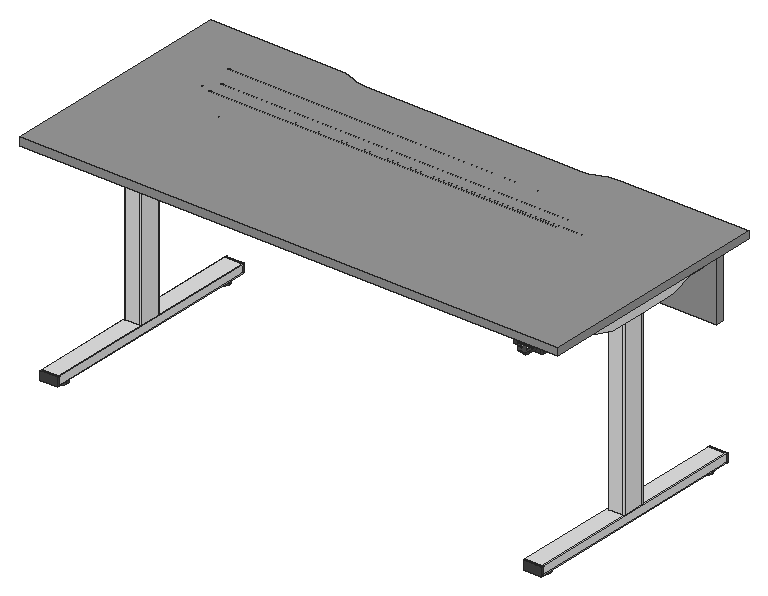
Revit family "Rise LT Rectangular Desk with Scallop Top", category Furniture, Revit 2016
Family settings
  OmniClass Number = 23.40.20.00
  OmniClass Title = General Furniture and Specialties
  Work Plane-Based = No
  Always vertical = Yes
  Cut with Voids When Loaded = No
  Shared = No
  Room Calculation Point = No
Parameters (values of type "1800 x 800 with Modesty Panel & Cable Tray")
  Width = 1800 mm
  URL = "www.gof.co.uk"
  Type Comments = ""
  Range = "RISE LT"
  Product Code = "HDLS18S"
  Modesty Panel Visible = yes
  Modesty Panel = ""
  HeightControl [instance] = if(Height < 720 mm, 720 mm, (if(Height > 1200 mm, 1200 mm, Height)))  # 727 mm
  Height [instance] = 727 mm
  Desktop = Gresham - Midnight Ash
  Model = ""
  Manufacturer = "Gresham Office Furniture"  # constant formula
  Frame = Gresham - Silver Metal
  Foot = Gresham - Black Plastic
  Cable Tray Visible = yes
  Cable Tray = ""
  Assembly Code = "E2020200"
Reference planes
  plane 1 "Center (Front/Back)": y = 0
  plane 2: z = 0
  plane 3 "Center (Left/Right)": x = 0
  plane 4: x = -900
  plane 5: x = 900
  plane 6 "Desktop Underside": z = 702
  plane 7: y = 400
  plane 8: y = -400
  plane 9 "Foot": z = 15
  plane 10: z = 727
  plane 11: x = 595.86
  plane 12: x = -595.86
  plane 13 "Controls": x = 850
Forms (mm)
  Extrusion 1, solid, material "Gresham - Midnight Ash" <- "Desktop"
    sketch origin (0, 0, 702) x (-1, 0, 0) y (0, -1, 0)
      loop
        arc (-416.673, -387.5) -> (-390.732, -378.167) -> (-363.346, -375) r 120
        line (-363.346, -375) -> (363.346, -375)
        arc (363.346, -375) -> (390.732, -378.167) -> (416.673, -387.5) r 120
        arc (416.673, -387.5) -> (442.614, -396.833) -> (470, -400) r 120
        line (470, -400) -> (900, -400) -> (900, 400) -> (-900, 400) -> (-900, -400) -> (-470, -400)
        arc (-470, -400) -> (-442.614, -396.833) -> (-416.673, -387.5) r 120
    from 0 to 25
  Extrusion 2, solid, material "Gresham - Silver Metal" <- "Frame"
    sketch origin (-20.86, -302, 0) x (0, 1, 0) y (0, 0, 1)
      loop
        arc (344.5, 657) -> (346.621, 657.879) -> (347.5, 660) r 3
        line (347.5, 660) -> (347.5, 699)
        arc (347.5, 699) -> (346.621, 701.121) -> (344.5, 702) r 3
        line (344.5, 702) -> (307, 702) -> (307, 700) -> (344.5, 700)
        arc (344.5, 700) -> (345.207, 699.707) -> (345.5, 699) r 1
        line (345.5, 699) -> (345.5, 660)
        arc (345.5, 660) -> (345.207, 659.293) -> (344.5, 659) r 1
        line (344.5, 659) -> (310, 659)
        arc (310, 659) -> (309.293, 659.293) -> (309, 660) r 1
        line (309, 660) -> (309, 667) -> (307, 667) -> (307, 660)
        arc (307, 660) -> (307.879, 657.879) -> (310, 657) r 3
        line (310, 657) -> (344.5, 657)
    from -575 to 616.72
Dimensions and locks
  equal spacing: plane 4, plane 3 "Center (Left/Right)", plane 5
  "Width": plane 4 to plane 5
  equal spacing: plane 7, plane 1 "Center (Front/Back)", plane 8
  locked: plane 7 to plane 8 at 800
  locked: plane 2 to plane 9 "Foot" at 15
  Extrusion 1 sketch curve to Extrusion 1 sketch curve = 430 mm  (x2)
  locked: plane 7 to Extrusion 1 sketch curve at 25
  "HeightControl": plane 10 to level
  plane 10 to plane 6 "Desktop Underside" = 25 mm
  locked: nested 1 to plane 5 at 60
  locked: plane 7 to nested 1 at 12
  locked: nested 2 to plane 4 at 60
  locked: Extrusion 2 sketch curve to Extrusion 2 sketch curve at 41
  locked: plane 7 to nested 2 at 12
  plane 3 "Center (Left/Right)" to Extrusion 1 = 363.346 mm
  Extrusion 1 to plane 3 "Center (Left/Right)" = 363.346 mm
  locked: plane 11 to plane 5 at 304.14
  locked: plane 4 to plane 12 at 304.14
  locked: plane 13 "Controls" to plane 5 at 50
  locked: plane 7 to nested 4 at 53.5  (x2)
  locked: plane 6 "Desktop Underside" to nested 4 at 61.5
  locked: plane 4 to nested 4 at 100
  locked: nested 4 to plane 5 at 100
  locked: plane 4 to nested 5 at 87
  aligned and locked: level to plane 2
  aligned and locked: plane 7 to Extrusion 1
  aligned and locked: plane 10 to Extrusion 1
  aligned and locked: plane 11 to Extrusion 2
  aligned and locked: plane 12 to Extrusion 2
  aligned and locked: nested 3 to plane 13 "Controls"
  aligned and locked: plane 6 "Desktop Underside" to nested 3
  aligned and locked: nested 3 to plane 8
  aligned and locked: plane 6 "Desktop Underside" to nested 5
Automatic sketch dimensions
  Extrusion 2 sketch curve to Extrusion 2 sketch curve = 0 mm  (x7)
  Extrusion 2 sketch curve to plane 6 "Desktop Underside" = 0 mm
  Extrusion 2 sketch curve to plane 1 "Center (Front/Back)" = 5 mm
  Extrusion 2 sketch curve to plane 6 "Desktop Underside" = 2 mm
  Extrusion 2 sketch curve to Extrusion 2 sketch curve = 1 mm  (x2)
  Extrusion 2 sketch curve to Extrusion 2 sketch curve = 37.5 mm
  Extrusion 2 sketch curve to Extrusion 2 sketch curve = 34.5 mm
  Extrusion 2 sketch curve to Extrusion 2 sketch curve = 7 mm
  Extrusion 1 sketch curve to plane 5 = 0 mm
  Extrusion 1 sketch curve to plane 7 = 0 mm  (x2)
  Extrusion 1 sketch curve to Extrusion 1 sketch curve = 106.654 mm  (x2)
  plane 7 to Extrusion 1 sketch curve = 95 mm  (x2)
  Extrusion 1 sketch curve to plane 7 = 120 mm
  Extrusion 1 sketch curve to Extrusion 1 sketch curve = 120 mm
  Extrusion 1 sketch curve to plane 4 = 0 mm
  plane 8 to Extrusion 1 sketch curve = 0 mm
Nested families
  nested 1: "Rise LT Leg" at (5, -202, 0), Height <- "HeightControl", type "Rise LT Leg"
    with HeightControl 727 mm, Height 727 mm
  nested 2: "Rise LT Leg" at (-5, -202, 0) x (-1, 0, 0) z (0, 0, 1), Height <- "HeightControl", type "Rise LT Leg"
    with HeightControl 727 mm, Height 727 mm
  nested 3: "Controls" at (800, -367.5, 690), type "Controls"
  nested 4: "Cable Tray" at (0, 0, 0), Height <- "Height", type "Cable Tray"
    with HeightControl 727 mm, Height 727 mm
  nested 5: "Modesty Panel" at (0, 0, 0), type "Modesty Panel"
    with HeightControl 727 mm, Height 727 mm
Definition of nested family "Rise LT Leg"
  Parameters (values of type "Rise LT Leg")
    Width = 1800 mm
    URL = "www.gof.co.uk"
    Type Comments = ""
    Range = "RISE LT"
    Product Code = ""
    Model = ""
    Manufacturer = "Gresham Office Furniture"  # constant formula
    HeightControl [instance] = if(Height < 720 mm, 720 mm, (if(Height > 1200 mm, 1200 mm, Height)))  # 727 mm
    Height [instance] = 727 mm
    Frame = none
    Foot = none
    Bung = none
    Assembly Code = "E2020200"
  Reference planes
    plane 1 "Center (Front/Back)": y = 200
    plane 2: z = 0
    plane 3 "Center (Left/Right)": x = 0
    plane 4: x = -900
    plane 5: x = 900
    plane 6 "Desktop": z = 727
    plane 7: y = 600
    plane 8: y = -200
    plane 9 "Foot": z = 15
    plane 10 "Desktop Underside": z = 702
    plane 11 "Max Height": z = 1200
    plane 12 "Max Desktop Underside": z = 1175
  Forms (mm)
    Extrusion 1, solid, material <- "Frame"
      sketch origin (0, 0, 727) x (-1, 0, 0) y (0, -1, 0)
        loop
          line (-827.511, -240) -> (-782.511, -240)
          arc (-782.511, -240) -> (-778.976, -238.536) -> (-777.511, -235) r 5
          line (-777.511, -235) -> (-777.511, -165)
          arc (-777.511, -165) -> (-778.976, -161.464) -> (-782.511, -160) r 5
          line (-782.511, -160) -> (-827.511, -160)
          arc (-827.511, -160) -> (-831.047, -161.464) -> (-832.511, -165) r 5
          line (-832.511, -165) -> (-832.511, -235)
          arc (-832.511, -235) -> (-831.047, -238.536) -> (-827.511, -240) r 5
      from -682 to -82
    Extrusion 2, solid, material <- "Frame"
      sketch origin (0, 200, 0) x (1, 0, 0) y (0, 0, 1)
        loop
          line (833, 45) -> (777, 45)
          arc (777, 45) -> (775.586, 44.414) -> (775, 43) r 2
          line (775, 43) -> (775, 17)
          arc (775, 17) -> (775.586, 15.586) -> (777, 15) r 2
          line (777, 15) -> (833, 15)
          arc (833, 15) -> (834.414, 15.586) -> (835, 17) r 2
          line (835, 17) -> (835, 43)
          arc (835, 43) -> (834.414, 44.414) -> (833, 45) r 2
      from -385 to 385
    Extrusion 3, solid, material <- "Frame"
      sketch origin (0, 200, 70) x (1, 0, 0) y (0, 0, 1)
        loop
          line (842.511, 632) -> (590.86, 632) -> (590.86, 617)
          arc (590.86, 617) -> (599.647, 595.787) -> (620.86, 587) r 30
          line (620.86, 587) -> (842.511, 587) -> (842.511, 632)
      from -47.5 to 47.5
    Extrusion 4, solid, material <- "Frame"
      sketch origin (0, 200, 70) x (1, 0, 0) y (0, 0, 1)
        loop
          line (842.511, 632) -> (842.511, 622) -> (844.511, 622) -> (844.511, 630.159) -> (860.511, 630.159) -> (860.511, 579) -> (843.693, 579) -> (843.693, 582.43) -> (841.693, 582.43) -> (841.693, 577) -> (862.511, 577) -> (862.511, 632) -> (842.511, 632)
      from -275 to 275
    Extrusion 5, void
      sketch origin (870.011, 200, 1175) x (0, 0, 1) y (0, 1, 0)
        loop
          line (-528, 0) -> (-528, 125) -> (-483, 275) -> (-473, 275) -> (-473, 333.867) -> (-576.413, 333.867) -> (-576.413, 0) -> (-576.413, -333.867) -> (-473, -333.867) -> (-473, -275) -> (-483, -275) -> (-528, -125) -> (-528, 0)
      from -29.989 to 70.011
    Extrusion 6, solid, material <- "Frame"
      sketch origin (0, 0, 727) x (-1, 0, 0) y (0, -1, 0)
        loop
          line (-827.511, -238) -> (-782.511, -238)
          arc (-782.511, -238) -> (-780.39, -237.121) -> (-779.511, -235) r 3
          line (-779.511, -235) -> (-779.511, -165)
          arc (-779.511, -165) -> (-780.39, -162.879) -> (-782.511, -162) r 3
          line (-782.511, -162) -> (-827.511, -162)
          arc (-827.511, -162) -> (-829.633, -162.879) -> (-830.511, -165) r 3
          line (-830.511, -165) -> (-830.511, -235)
          arc (-830.511, -235) -> (-829.633, -237.121) -> (-827.511, -238) r 3
      from -82 to -70
    Revolve 7, solid, material <- "Foot"
      sketch origin (0, 540, 0) x (1, 0, 0) y (0, 0, 1)
        loop
          line (804.324, 0) -> (824.324, 0) -> (814.324, 15) -> (804.324, 15) -> (804.324, 0)
        axis (804.324, 15) -> (804.324, 0)
      angle from 0 to 360
    Revolve 8, solid, material <- "Foot"
      sketch origin (0, -140, 0) x (1, 0, 0) y (0, 0, -1)
        loop
          line (804.324, 0) -> (804.324, -15) -> (814.324, -15) -> (824.324, 0) -> (804.324, 0)
        axis (804.324, -15) -> (804.324, 0)
      angle from 0 to 360
    Extrusion 9, solid, material <- "Bung"
      sketch origin (0, 201.489, 0) x (1, 0, 0) y (0, 0, 1)
        loop
          line (833, 45) -> (777, 45)
          arc (777, 45) -> (775.586, 44.414) -> (775, 43) r 2
          line (775, 43) -> (775, 17)
          arc (775, 17) -> (775.586, 15.586) -> (777, 15) r 2
          line (777, 15) -> (833, 15)
          arc (833, 15) -> (834.414, 15.586) -> (835, 17) r 2
          line (835, 17) -> (835, 43)
          arc (835, 43) -> (834.414, 44.414) -> (833, 45) r 2
      from 386.489 to 391.489
    Extrusion 10, solid, material <- "Bung"
      sketch origin (0, 198.511, 0) x (1, 0, 0) y (0, 0, -1)
        loop
          arc (833, -45) -> (834.414, -44.414) -> (835, -43) r 2
          line (835, -43) -> (835, -17)
          arc (835, -17) -> (834.414, -15.586) -> (833, -15) r 2
          line (833, -15) -> (777, -15)
          arc (777, -15) -> (775.586, -15.586) -> (775, -17) r 2
          line (775, -17) -> (775, -43)
          arc (775, -43) -> (775.586, -44.414) -> (777, -45) r 2
          line (777, -45) -> (833, -45)
      from 386.489 to 391.489
  Cuts and joins
    Extrusion 5 cuts Extrusion 4
  Dimensions and locks
    equal spacing: plane 4, plane 3 "Center (Left/Right)", plane 5
    "Width": plane 4 to plane 5
    equal spacing: plane 7, plane 1 "Center (Front/Back)", plane 8
    locked: plane 7 to plane 8 at 800
    locked: plane 9 "Foot" to level at 15
    locked: plane 6 "Desktop" to plane 10 "Desktop Underside" at 25
    locked: plane 5 to Extrusion 2 at 65
    Extrusion 3 to Extrusion 3 = 95 mm
    plane 1 "Center (Front/Back)" to Extrusion 4 = 275 mm
    equal spacing: Extrusion 4, plane 1 "Center (Front/Back)", Extrusion 4
    plane 11 "Max Height" to level = 1200 mm
    locked: Extrusion 3 sketch curve to Extrusion 3 sketch curve at 45
    locked: Extrusion 5 sketch curve to Extrusion 5 sketch curve at 103.413
    "HeightControl": plane 6 "Desktop" to level
    locked: Extrusion 1 to level at 645
    locked: Extrusion 2 to Extrusion 2 at 30
    Extrusion 2 to Revolve 7 = 45 mm
    locked: Extrusion 9 to Extrusion 9 at 5
    locked: Extrusion 5 to plane 5 at 100
    locked: Extrusion 10 to Extrusion 10 at 5
    plane 9 "Foot" to level = 15 mm
    Revolve 8 to Extrusion 9 = 45 mm
    locked: Extrusion 3 to plane 5 at 309.14
    aligned and locked: level to plane 2
    aligned and locked: Extrusion 6 to Extrusion 3
    aligned and locked: Extrusion 6 to Extrusion 1
    aligned and locked: Extrusion 2 to plane 9 "Foot"
    aligned and locked: Extrusion 1 to Extrusion 2
    aligned and locked: Extrusion 2 to Extrusion 9
    aligned and locked: Extrusion 5 to plane 5
    aligned and locked: Extrusion 2 to Extrusion 10
  Automatic sketch dimensions
    plane 1 "Center (Front/Back)" to Extrusion 1 sketch curve = 35 mm
    plane 5 to Extrusion 1 sketch curve = 67.489 mm
    Extrusion 1 sketch curve to Extrusion 1 sketch curve = 5 mm  (x3)
    Extrusion 1 sketch curve to Extrusion 1 sketch curve = 45 mm  (x2)
    Extrusion 1 sketch curve to plane 1 "Center (Front/Back)" = 35 mm
    Extrusion 2 sketch curve to plane 9 "Foot" = 0 mm
    plane 9 "Foot" to Extrusion 2 sketch curve = 2 mm  (x2)
    plane 5 to Extrusion 2 sketch curve = 125 mm
    Extrusion 2 sketch curve to Extrusion 2 sketch curve = 2 mm
    Extrusion 2 sketch curve to Extrusion 2 sketch curve = 56 mm
    Extrusion 2 sketch curve to Extrusion 2 sketch curve = 0 mm
    Extrusion 2 sketch curve to Extrusion 2 sketch curve = 26 mm
    Extrusion 3 sketch curve to plane 10 "Desktop Underside" = 0 mm
    plane 3 "Center (Left/Right)" to Extrusion 3 sketch curve = 590.86 mm
    Extrusion 3 sketch curve to Extrusion 3 sketch curve = 30 mm
    plane 5 to Extrusion 3 sketch curve = 57.489 mm
    Extrusion 4 sketch curve to plane 10 "Desktop Underside" = 0 mm
    plane 5 to Extrusion 4 sketch curve = 58.307 mm
    Extrusion 4 sketch curve to plane 10 "Desktop Underside" = 10 mm
    Extrusion 4 sketch curve to Extrusion 4 sketch curve = 0.819 mm
    Extrusion 4 sketch curve to Extrusion 4 sketch curve = 2 mm  (x4)
    Extrusion 4 sketch curve to plane 10 "Desktop Underside" = 1.841 mm
    Extrusion 4 sketch curve to Extrusion 4 sketch curve = 16 mm
    Extrusion 4 sketch curve to Extrusion 4 sketch curve = 39.57 mm
    Extrusion 4 sketch curve to Extrusion 4 sketch curve = 3.43 mm
    Extrusion 5 sketch curve to plane 1 "Center (Front/Back)" = 0 mm  (x2)
    Extrusion 5 sketch curve to plane 10 "Desktop Underside" = 0 mm  (x2)
    Extrusion 5 sketch curve to plane 10 "Desktop Underside" = 55 mm
    Extrusion 5 sketch curve to plane 10 "Desktop Underside" = 10 mm  (x2)
    Extrusion 5 sketch curve to Extrusion 5 sketch curve = 125 mm
    plane 8 to Extrusion 5 sketch curve = 125 mm
    Extrusion 5 sketch curve to Extrusion 5 sketch curve = 58.867 mm
    Extrusion 5 sketch curve to plane 1 "Center (Front/Back)" = 125 mm
    Extrusion 5 sketch curve to plane 7 = 125 mm
    Extrusion 5 sketch curve to plane 7 = 66.133 mm
    plane 1 "Center (Front/Back)" to Extrusion 6 sketch curve = 35 mm
    plane 5 to Extrusion 6 sketch curve = 69.489 mm
    Extrusion 6 sketch curve to Extrusion 6 sketch curve = 3 mm  (x3)
    Extrusion 6 sketch curve to Extrusion 6 sketch curve = 45 mm  (x2)
    Extrusion 6 sketch curve to plane 1 "Center (Front/Back)" = 35 mm
    Revolve 7 sketch curve to level = 0 mm
    Revolve 7 sketch curve to plane 9 "Foot" = 0 mm  (x2)
    plane 5 to Revolve 7 sketch curve = 95.676 mm
    Revolve 7 sketch curve to Revolve 7 sketch curve = 10 mm  (x2)
    Revolve 7 sketch curve to Revolve 7 sketch curve = 0 mm
    Revolve 7 sketch curve to Revolve 7 sketch curve = 11.548 mm
    Revolve 8 sketch curve to level = 0 mm
    Revolve 8 sketch curve to plane 9 "Foot" = 0 mm  (x2)
    plane 5 to Revolve 8 sketch curve = 95.676 mm
    Revolve 8 sketch curve to Revolve 8 sketch curve = 10 mm  (x2)
    Revolve 8 sketch curve to Revolve 8 sketch curve = 0 mm
    Revolve 8 sketch curve to Revolve 8 sketch curve = 11.548 mm
    Extrusion 9 sketch curve to plane 9 "Foot" = 0 mm
    plane 9 "Foot" to Extrusion 9 sketch curve = 28 mm
    plane 5 to Extrusion 9 sketch curve = 125 mm
    Extrusion 9 sketch curve to Extrusion 9 sketch curve = 2 mm  (x3)
    Extrusion 9 sketch curve to Extrusion 9 sketch curve = 56 mm
    Extrusion 9 sketch curve to Extrusion 9 sketch curve = 0 mm
    Extrusion 10 sketch curve to plane 9 "Foot" = 0 mm
    plane 9 "Foot" to Extrusion 10 sketch curve = 28 mm
    plane 5 to Extrusion 10 sketch curve = 125 mm
    Extrusion 10 sketch curve to Extrusion 10 sketch curve = 2 mm  (x3)
    Extrusion 10 sketch curve to Extrusion 10 sketch curve = 56 mm
    Extrusion 10 sketch curve to Extrusion 10 sketch curve = 0 mm
Definition of nested family "Controls"
  Parameters (values of type "Controls")
    URL = "www.gof.co.uk"
    Rubber Keys = none
    Range = "RANGE LT"
    Product Code = "Controls"
    Plastic Case = none
    Manufacturer = "Gresham Office Furniture"  # constant formula
  Reference planes
    plane 1 "Center (Front/Back)": y = 0
    plane 2: z = 0
    plane 3 "Center (Left/Right)": x = 0
  Forms (mm)
    Extrusion 1, solid, material <- "Plastic Case"
      sketch origin (0, 0, 0) x (1, 0, 0) y (0, 1, 0)
        loop
          arc (-45, 32.5) -> (-48.536, 31.036) -> (-50, 27.5) r 5
          line (-50, 27.5) -> (-50, -27.5)
          arc (-50, -27.5) -> (-48.536, -31.036) -> (-45, -32.5) r 5
          line (-45, -32.5) -> (45, -32.5)
          arc (45, -32.5) -> (48.536, -31.036) -> (50, -27.5) r 5
          line (50, -27.5) -> (50, 27.5)
          arc (50, 27.5) -> (48.536, 31.036) -> (45, 32.5) r 5
          line (45, 32.5) -> (-45, 32.5)
      from 0 to 12
    Sweep 2, solid, material <- "Plastic Case"
      path origin (0, 0, 2) x (0, 1, 0) y (0, 0, 1)
        loop
          line (-32.5, 6) -> (-36.392, 6)
          arc (-36.392, 6) -> (-37.474, 5.881) -> (-38.505, 5.532) r 5
          line (-38.505, 5.532) -> (-55.626, -2.452)
      profile origin (0, -34.446, 8) x (0, 0, -1) y (1, 0, 0)
        loop
          line (-4, 30) -> (-4, -30) -> (4, -30) -> (4, 30) -> (-4, 30)
    Extrusion 3, void
      sketch origin (-30, -40.195, 11.157) x (0, -0.906308, -0.422618) y (1, 0, 0)
        loop
          line (18.892, 75) -> (-7.33, 75) -> (-7.33, 60) -> (10.178, 50.091)
          arc (10.178, 50.091) -> (14.833, 46.912) -> (18.892, 43) r 33.579
          line (18.892, 43) -> (18.892, 75)
      from -13.674 to 7.77
    Extrusion 4, void
      sketch origin (30, -40.195, 11.157) x (0, -0.906308, -0.422618) y (1, 0, 0)
        loop
          line (18.892, -75) -> (18.892, -43)
          arc (18.892, -43) -> (14.833, -46.912) -> (10.178, -50.091) r 33.579
          line (10.178, -50.091) -> (-7.33, -60) -> (-7.33, -75) -> (18.892, -75)
      from -13.674 to 7.77
    Extrusion 5, solid, material <- "Rubber Keys"
      sketch origin (-30, -40.195, 11.157) x (0, -0.906308, -0.422618) y (1, 0, 0)
        loop
          line (0.281, 19.363) -> (8.531, 14.6) -> (8.531, 24.126) -> (0.281, 19.363)
        loop
          line (0.656, 35.874) -> (8.906, 40.637) -> (0.656, 45.4) -> (0.656, 35.874)
      from 0 to 1.5
  Cuts and joins
    Extrusion 3, Extrusion 4 cuts Sweep 2
  Dimensions and locks
    aligned and locked: level to plane 2
Definition of nested family "Cable Tray"
  Parameters (values of type "Cable Tray")
    Width = 1800 mm
    URL = "www.gof.co.uk"
    Type Comments = ""
    Range = "RISE LT"
    Product Code = ""
    Modesty Panel = none
    HeightControl [instance] = if(Height < 720 mm, 720 mm, (if(Height > 1200 mm, 1200 mm, Height)))  # 727 mm
    Height [instance] = 727 mm
    Desktop = none
    Model = ""
    Manufacturer = "Gresham Office Furniture"  # constant formula
    Frame = none
    Foot = none
    Cable Tray Clips = none
    Cable Tray = yes
    Assembly Code = "E2020200"
  Reference planes
    plane 1 "Center (Front/Back)": y = 0
    plane 2: z = 0
    plane 3 "Center (Left/Right)": x = 0
    plane 4: x = -900
    plane 5: x = 900
    plane 6 "Desktop Underside": z = 702
    plane 7: y = 400
    plane 8: y = -400
    plane 9 "Foot": z = 15
    plane 10: z = 727
    plane 11 "Cable Tray Left": x = -800
    plane 12 "Cable Tray Right": x = 800
  Forms (mm)
    Extrusion 1, solid, material <- "Frame", visible <- "Cable Tray"
      sketch origin (0, 12.089, -4.885) x (0, 1, 0) y (0, 0, 1)
        loop
          circle (301.911, 615.385) r 1.5
        loop
          circle (251.911, 615.385) r 1.5
        loop
          circle (220.911, 645.385) r 1.5
        loop
          circle (332.911, 645.385) r 1.5
      from -800 to 800
    Sweep 2, solid, material <- "Frame", visible <- "Cable Tray"
      path in 3D
        loop
          line (0, 341.76, 640.5) -> (0, 333.661, 615.573)
          arc (0, 333.661, 615.573) -> (0, 332.571, 614.073) -> (0, 330.808, 613.5) r 3
          line (0, 330.808, 613.5) -> (0, 247.192, 613.5)
          arc (0, 247.192, 613.5) -> (0, 245.429, 614.073) -> (0, 244.339, 615.573) r 3
          line (0, 244.339, 615.573) -> (0, 236.24, 640.5)
      profile origin (0, 289, 613.5) x (0, 0, 1) y (-1, 0, 0)
        loop
          circle (0, 0) r 1.5
    Sweep 3, solid, material <- "Frame", visible <- "Cable Tray", not visible
      path in 3D
        loop
          line (0, 329.671, 645.385) -> (0, 321.572, 620.458)
          arc (0, 321.572, 620.458) -> (0, 320.482, 618.958) -> (0, 318.719, 618.385) r 3
          line (0, 318.719, 618.385) -> (0, 235.103, 618.385)
          arc (0, 235.103, 618.385) -> (0, 233.34, 618.958) -> (0, 232.25, 620.458) r 3
          line (0, 232.25, 620.458) -> (0, 224.151, 645.385)
      profile origin (0, 276.911, 618.385) x (0, 0, 1) y (-1, 0, 0)
        loop
          circle (0, 0) r 1.5
    Sweep 4, solid, material <- "Frame", visible <- "Cable Tray"
      path in 3D
        loop
          line (800, 342.073, 640.5) -> (800, 333.974, 615.573)
          arc (800, 333.974, 615.573) -> (800, 332.884, 614.073) -> (800, 331.121, 613.5) r 3
          line (800, 331.121, 613.5) -> (800, 247.505, 613.5)
          arc (800, 247.505, 613.5) -> (800, 245.742, 614.073) -> (800, 244.652, 615.573) r 3
          line (800, 244.652, 615.573) -> (800, 236.553, 640.5)
      profile origin (800, 289.313, 613.5) x (0, 0, 1) y (-1, 0, 0)
        loop
          circle (0, 0) r 1.5
    Sweep 5, solid, material <- "Frame", visible <- "Cable Tray"
      path in 3D
        loop
          line (-800, 342.073, 640.5) -> (-800, 333.974, 615.573)
          arc (-800, 333.974, 615.573) -> (-800, 332.884, 614.073) -> (-800, 331.121, 613.5) r 3
          line (-800, 331.121, 613.5) -> (-800, 247.505, 613.5)
          arc (-800, 247.505, 613.5) -> (-800, 245.742, 614.073) -> (-800, 244.652, 615.573) r 3
          line (-800, 244.652, 615.573) -> (-800, 236.553, 640.5)
      profile origin (-800, 289.313, 613.5) x (0, 0, 1) y (-1, 0, 0)
        loop
          circle (0, 0) r 1.5
    Sweep 6, solid, material <- "Frame", visible <- "Cable Tray"
      path in 3D
        loop
          line (100, 341.76, 640.5) -> (100, 333.661, 615.573)
          arc (100, 333.661, 615.573) -> (100, 332.571, 614.073) -> (100, 330.808, 613.5) r 3
          line (100, 330.808, 613.5) -> (100, 247.192, 613.5)
          arc (100, 247.192, 613.5) -> (100, 245.429, 614.073) -> (100, 244.339, 615.573) r 3
          line (100, 244.339, 615.573) -> (100, 236.24, 640.5)
      profile origin (100, 289, 613.5) x (0, 0, 1) y (-1, 0, 0)
        loop
          circle (0, 0) r 1.5
    Sweep 7, solid, material <- "Frame", visible <- "Cable Tray"
      path in 3D
        loop
          line (300, 341.76, 640.5) -> (300, 333.661, 615.573)
          arc (300, 333.661, 615.573) -> (300, 332.571, 614.073) -> (300, 330.808, 613.5) r 3
          line (300, 330.808, 613.5) -> (300, 247.192, 613.5)
          arc (300, 247.192, 613.5) -> (300, 245.429, 614.073) -> (300, 244.339, 615.573) r 3
          line (300, 244.339, 615.573) -> (300, 236.24, 640.5)
      profile origin (300, 289, 613.5) x (0, 0, 1) y (-1, 0, 0)
        loop
          circle (0, 0) r 1.5
    Sweep 8, solid, material <- "Frame", visible <- "Cable Tray"
      path in 3D
        loop
          line (400, 341.76, 640.5) -> (400, 333.661, 615.573)
          arc (400, 333.661, 615.573) -> (400, 332.571, 614.073) -> (400, 330.808, 613.5) r 3
          line (400, 330.808, 613.5) -> (400, 247.192, 613.5)
          arc (400, 247.192, 613.5) -> (400, 245.429, 614.073) -> (400, 244.339, 615.573) r 3
          line (400, 244.339, 615.573) -> (400, 236.24, 640.5)
      profile origin (400, 289, 613.5) x (0, 0, 1) y (-1, 0, 0)
        loop
          circle (0, 0) r 1.5
    Sweep 9, solid, material <- "Frame", visible <- "Cable Tray"
      path in 3D
        loop
          line (500, 341.76, 640.5) -> (500, 333.661, 615.573)
          arc (500, 333.661, 615.573) -> (500, 332.571, 614.073) -> (500, 330.808, 613.5) r 3
          line (500, 330.808, 613.5) -> (500, 247.192, 613.5)
          arc (500, 247.192, 613.5) -> (500, 245.429, 614.073) -> (500, 244.339, 615.573) r 3
          line (500, 244.339, 615.573) -> (500, 236.24, 640.5)
      profile origin (500, 289, 613.5) x (0, 0, 1) y (-1, 0, 0)
        loop
          circle (0, 0) r 1.5
    Sweep 10, solid, material <- "Frame", visible <- "Cable Tray"
      path in 3D
        loop
          line (600, 341.76, 640.5) -> (600, 333.661, 615.573)
          arc (600, 333.661, 615.573) -> (600, 332.571, 614.073) -> (600, 330.808, 613.5) r 3
          line (600, 330.808, 613.5) -> (600, 247.192, 613.5)
          arc (600, 247.192, 613.5) -> (600, 245.429, 614.073) -> (600, 244.339, 615.573) r 3
          line (600, 244.339, 615.573) -> (600, 236.24, 640.5)
      profile origin (600, 289, 613.5) x (0, 0, 1) y (-1, 0, 0)
        loop
          circle (0, 0) r 1.5
    Sweep 11, solid, material <- "Frame", visible <- "Cable Tray"
      path in 3D
        loop
          line (700, 341.76, 640.5) -> (700, 333.661, 615.573)
          arc (700, 333.661, 615.573) -> (700, 332.571, 614.073) -> (700, 330.808, 613.5) r 3
          line (700, 330.808, 613.5) -> (700, 247.192, 613.5)
          arc (700, 247.192, 613.5) -> (700, 245.429, 614.073) -> (700, 244.339, 615.573) r 3
          line (700, 244.339, 615.573) -> (700, 236.24, 640.5)
      profile origin (700, 289, 613.5) x (0, 0, 1) y (-1, 0, 0)
        loop
          circle (0, 0) r 1.5
    Sweep 12, solid, material <- "Frame", visible <- "Cable Tray"
      path in 3D
        loop
          line (200, 341.76, 640.5) -> (200, 333.661, 615.573)
          arc (200, 333.661, 615.573) -> (200, 332.571, 614.073) -> (200, 330.808, 613.5) r 3
          line (200, 330.808, 613.5) -> (200, 247.192, 613.5)
          arc (200, 247.192, 613.5) -> (200, 245.429, 614.073) -> (200, 244.339, 615.573) r 3
          line (200, 244.339, 615.573) -> (200, 236.24, 640.5)
      profile origin (200, 289, 613.5) x (0, 0, 1) y (-1, 0, 0)
        loop
          circle (0, 0) r 1.5
    Sweep 13, solid, material <- "Frame", visible <- "Cable Tray"
      path in 3D
        loop
          line (-100, 341.76, 640.5) -> (-100, 333.661, 615.573)
          arc (-100, 333.661, 615.573) -> (-100, 332.571, 614.073) -> (-100, 330.808, 613.5) r 3
          line (-100, 330.808, 613.5) -> (-100, 247.192, 613.5)
          arc (-100, 247.192, 613.5) -> (-100, 245.429, 614.073) -> (-100, 244.339, 615.573) r 3
          line (-100, 244.339, 615.573) -> (-100, 236.24, 640.5)
      profile origin (-100, 289, 613.5) x (0, 0, 1) y (-1, 0, 0)
        loop
          circle (0, 0) r 1.5
    Sweep 14, solid, material <- "Frame", visible <- "Cable Tray"
      path in 3D
        loop
          line (-300, 341.76, 640.5) -> (-300, 333.661, 615.573)
          arc (-300, 333.661, 615.573) -> (-300, 332.571, 614.073) -> (-300, 330.808, 613.5) r 3
          line (-300, 330.808, 613.5) -> (-300, 247.192, 613.5)
          arc (-300, 247.192, 613.5) -> (-300, 245.429, 614.073) -> (-300, 244.339, 615.573) r 3
          line (-300, 244.339, 615.573) -> (-300, 236.24, 640.5)
      profile origin (-300, 289, 613.5) x (0, 0, 1) y (-1, 0, 0)
        loop
          circle (0, 0) r 1.5
    Sweep 15, solid, material <- "Frame", visible <- "Cable Tray"
      path in 3D
        loop
          line (-400, 341.76, 640.5) -> (-400, 333.661, 615.573)
          arc (-400, 333.661, 615.573) -> (-400, 332.571, 614.073) -> (-400, 330.808, 613.5) r 3
          line (-400, 330.808, 613.5) -> (-400, 247.192, 613.5)
          arc (-400, 247.192, 613.5) -> (-400, 245.429, 614.073) -> (-400, 244.339, 615.573) r 3
          line (-400, 244.339, 615.573) -> (-400, 236.24, 640.5)
      profile origin (-400, 289, 613.5) x (0, 0, 1) y (-1, 0, 0)
        loop
          circle (0, 0) r 1.5
    Sweep 16, solid, material <- "Frame", visible <- "Cable Tray"
      path in 3D
        loop
          line (-500, 341.76, 640.5) -> (-500, 333.661, 615.573)
          arc (-500, 333.661, 615.573) -> (-500, 332.571, 614.073) -> (-500, 330.808, 613.5) r 3
          line (-500, 330.808, 613.5) -> (-500, 247.192, 613.5)
          arc (-500, 247.192, 613.5) -> (-500, 245.429, 614.073) -> (-500, 244.339, 615.573) r 3
          line (-500, 244.339, 615.573) -> (-500, 236.24, 640.5)
      profile origin (-500, 289, 613.5) x (0, 0, 1) y (-1, 0, 0)
        loop
          circle (0, 0) r 1.5
    Sweep 17, solid, material <- "Frame", visible <- "Cable Tray"
      path in 3D
        loop
          line (-600, 341.76, 640.5) -> (-600, 333.661, 615.573)
          arc (-600, 333.661, 615.573) -> (-600, 332.571, 614.073) -> (-600, 330.808, 613.5) r 3
          line (-600, 330.808, 613.5) -> (-600, 247.192, 613.5)
          arc (-600, 247.192, 613.5) -> (-600, 245.429, 614.073) -> (-600, 244.339, 615.573) r 3
          line (-600, 244.339, 615.573) -> (-600, 236.24, 640.5)
      profile origin (-600, 289, 613.5) x (0, 0, 1) y (-1, 0, 0)
        loop
          circle (0, 0) r 1.5
    Sweep 18, solid, material <- "Frame", visible <- "Cable Tray"
      path in 3D
        loop
          line (-700, 341.76, 640.5) -> (-700, 333.661, 615.573)
          arc (-700, 333.661, 615.573) -> (-700, 332.571, 614.073) -> (-700, 330.808, 613.5) r 3
          line (-700, 330.808, 613.5) -> (-700, 247.192, 613.5)
          arc (-700, 247.192, 613.5) -> (-700, 245.429, 614.073) -> (-700, 244.339, 615.573) r 3
          line (-700, 244.339, 615.573) -> (-700, 236.24, 640.5)
      profile origin (-700, 289, 613.5) x (0, 0, 1) y (-1, 0, 0)
        loop
          circle (0, 0) r 1.5
    Sweep 19, solid, material <- "Frame", visible <- "Cable Tray"
      path in 3D
        loop
          line (-200, 341.76, 640.5) -> (-200, 333.661, 615.573)
          arc (-200, 333.661, 615.573) -> (-200, 332.571, 614.073) -> (-200, 330.808, 613.5) r 3
          line (-200, 330.808, 613.5) -> (-200, 247.192, 613.5)
          arc (-200, 247.192, 613.5) -> (-200, 245.429, 614.073) -> (-200, 244.339, 615.573) r 3
          line (-200, 244.339, 615.573) -> (-200, 236.24, 640.5)
      profile origin (-200, 289, 613.5) x (0, 0, 1) y (-1, 0, 0)
        loop
          circle (0, 0) r 1.5
    Extrusion 20, solid, material <- "Cable Tray Clips", visible <- "Cable Tray"
      sketch origin (615, 0, 0) x (0, 1, 0) y (0, 0, 1)
        loop
          arc (346.5, 640.5) -> (345, 639) -> (343.5, 640.5) r 1.5
          line (343.5, 640.5) -> (343.5, 645.926) -> (340.5, 645.926) -> (340.5, 640.5)
          arc (340.5, 640.5) -> (345, 636) -> (349.5, 640.5) r 4.5
          line (349.5, 640.5) -> (349.5, 677.5)
          arc (349.5, 677.5) -> (348.692, 680.415) -> (346.5, 682.5) r 5.667
          arc (346.5, 682.5) -> (322.774, 690.464) -> (297.984, 693.899) r 134.615
          line (297.984, 693.899) -> (297.984, 697) -> (303.984, 697) -> (303.984, 702) -> (279.984, 702) -> (279.984, 697) -> (285.984, 697) -> (285.984, 693.899)
          arc (285.984, 693.899) -> (261.193, 690.464) -> (237.467, 682.5) r 134.615
          arc (237.467, 682.5) -> (235.275, 680.415) -> (234.435, 677.5) r 5.667
          line (234.435, 677.5) -> (234.435, 670.5)
          arc (234.435, 670.5) -> (232.935, 669) -> (231.435, 670.5) r 1.5
          line (231.435, 670.5) -> (231.435, 675.5) -> (228.435, 675.5) -> (228.435, 670.5)
          arc (228.435, 670.5) -> (230.365, 666.806) -> (234.5, 666.281) r 4.5
          line (234.5, 666.281) -> (234.5, 640.5)
          arc (234.5, 640.5) -> (233, 639) -> (231.5, 640.5) r 1.5
          line (231.5, 640.5) -> (231.5, 645.5) -> (228.5, 645.5) -> (228.5, 640.5)
          arc (228.5, 640.5) -> (233, 636) -> (237.5, 640.5) r 4.5
          line (237.5, 640.5) -> (237.5, 677.793)
          arc (237.5, 677.793) -> (237.882, 679.174) -> (238.92, 680.161) r 2.683
          arc (238.92, 680.161) -> (291.984, 691.033) -> (345.047, 680.161) r 134.926
          arc (345.047, 680.161) -> (346.085, 679.174) -> (346.467, 677.793) r 2.683
          line (346.467, 677.793) -> (346.467, 670.5)
          arc (346.467, 670.5) -> (344.951, 668.984) -> (343.435, 670.5) r 1.516
          line (343.435, 670.5) -> (343.435, 675.5) -> (340.435, 675.5) -> (340.435, 670.5)
          arc (340.435, 670.5) -> (342.365, 666.806) -> (346.5, 666.281) r 4.5
          line (346.5, 666.281) -> (346.5, 640.5)
      from 0 to 25
    Extrusion 21, solid, material <- "Cable Tray Clips", visible <- "Cable Tray"
      sketch origin (-615, 0, 0) x (0, 1, 0) y (0, 0, -1)
        loop
          line (346.5, -640.5) -> (346.5, -666.281)
          arc (346.5, -666.281) -> (342.365, -666.806) -> (340.435, -670.5) r 4.5
          line (340.435, -670.5) -> (340.435, -675.5) -> (343.435, -675.5) -> (343.435, -670.5)
          arc (343.435, -670.5) -> (344.951, -668.984) -> (346.467, -670.5) r 1.516
          line (346.467, -670.5) -> (346.467, -677.793)
          arc (346.467, -677.793) -> (346.085, -679.174) -> (345.047, -680.161) r 2.683
          arc (345.047, -680.161) -> (291.984, -691.033) -> (238.92, -680.161) r 134.926
          arc (238.92, -680.161) -> (237.882, -679.174) -> (237.5, -677.793) r 2.683
          line (237.5, -677.793) -> (237.5, -640.5)
          arc (237.5, -640.5) -> (233, -636) -> (228.5, -640.5) r 4.5
          line (228.5, -640.5) -> (228.5, -645.5) -> (231.5, -645.5) -> (231.5, -640.5)
          arc (231.5, -640.5) -> (233, -639) -> (234.5, -640.5) r 1.5
          line (234.5, -640.5) -> (234.5, -666.281)
          arc (234.5, -666.281) -> (230.365, -666.806) -> (228.435, -670.5) r 4.5
          line (228.435, -670.5) -> (228.435, -675.5) -> (231.435, -675.5) -> (231.435, -670.5)
          arc (231.435, -670.5) -> (232.935, -669) -> (234.435, -670.5) r 1.5
          line (234.435, -670.5) -> (234.435, -677.5)
          arc (234.435, -677.5) -> (235.275, -680.415) -> (237.467, -682.5) r 5.667
          arc (237.467, -682.5) -> (261.193, -690.464) -> (285.984, -693.899) r 134.615
          line (285.984, -693.899) -> (285.984, -697) -> (279.984, -697) -> (279.984, -702) -> (303.984, -702) -> (303.984, -697) -> (297.984, -697) -> (297.984, -693.899)
          arc (297.984, -693.899) -> (322.774, -690.464) -> (346.5, -682.5) r 134.615
          arc (346.5, -682.5) -> (348.692, -680.415) -> (349.5, -677.5) r 5.667
          line (349.5, -677.5) -> (349.5, -640.5)
          arc (349.5, -640.5) -> (345, -636) -> (340.5, -640.5) r 4.5
          line (340.5, -640.5) -> (340.5, -645.926) -> (343.5, -645.926) -> (343.5, -640.5)
          arc (343.5, -640.5) -> (345, -639) -> (346.5, -640.5) r 1.5
      from 0 to 25
  Lines and regions (mm)
    model lines, not visible
      curve 1: arc (0, 315.5, 610.5) -> (0, 314, 612) -> (0, 312.5, 610.5) r 1.5
      curve 2: arc (0, 265.5, 610.5) -> (0, 264, 612) -> (0, 262.5, 610.5) r 1.5
      curve 3: line (0, 330.808, 613.5) -> (0, 247.192, 613.5)
      curve 4: line (0, 244.339, 615.573) -> (0, 236.24, 640.5)
      curve 5: arc (0, 247.192, 613.5) -> (0, 245.429, 614.073) -> (0, 244.339, 615.573) r 3
      curve 6: line (0, 333.661, 615.573) -> (0, 341.76, 640.5)
      curve 7: arc (0, 330.808, 613.5) -> (0, 332.571, 614.073) -> (0, 333.661, 615.573) r 3
      curve 13: arc (0, 303.411, 615.385) -> (0, 301.911, 616.885) -> (0, 300.411, 615.385) r 1.5
      curve 14: arc (0, 253.411, 615.385) -> (0, 251.911, 616.885) -> (0, 250.411, 615.385) r 1.5
      curve 15: line (0, 318.719, 618.385) -> (0, 235.103, 618.385)
      curve 16: line (0, 232.25, 620.458) -> (0, 224.151, 645.385)
      curve 17: arc (0, 235.103, 618.385) -> (0, 233.34, 618.958) -> (0, 232.25, 620.458) r 3
      curve 18: line (0, 321.572, 620.458) -> (0, 329.671, 645.385)
      curve 19: arc (0, 318.719, 618.385) -> (0, 320.482, 618.958) -> (0, 321.572, 620.458) r 3
      curve 25: arc (800, 315.813, 610.5) -> (800, 314.313, 612) -> (800, 312.813, 610.5) r 1.5
      curve 26: arc (800, 265.813, 610.5) -> (800, 264.313, 612) -> (800, 262.813, 610.5) r 1.5
      curve 27: line (800, 331.121, 613.5) -> (800, 247.505, 613.5)
      curve 28: line (800, 244.652, 615.573) -> (800, 236.553, 640.5)
      curve 29: arc (800, 247.505, 613.5) -> (800, 245.742, 614.073) -> (800, 244.652, 615.573) r 3
      curve 30: line (800, 333.974, 615.573) -> (800, 342.073, 640.5)
      curve 31: arc (800, 331.121, 613.5) -> (800, 332.884, 614.073) -> (800, 333.974, 615.573) r 3
      curve 37: arc (-800, 315.813, 610.5) -> (-800, 314.313, 612) -> (-800, 312.813, 610.5) r 1.5
      curve 38: arc (-800, 265.813, 610.5) -> (-800, 264.313, 612) -> (-800, 262.813, 610.5) r 1.5
      curve 39: line (-800, 331.121, 613.5) -> (-800, 247.505, 613.5)
      curve 40: line (-800, 244.652, 615.573) -> (-800, 236.553, 640.5)
      curve 41: arc (-800, 247.505, 613.5) -> (-800, 245.742, 614.073) -> (-800, 244.652, 615.573) r 3
      curve 42: line (-800, 333.974, 615.573) -> (-800, 342.073, 640.5)
      curve 43: arc (-800, 331.121, 613.5) -> (-800, 332.884, 614.073) -> (-800, 333.974, 615.573) r 3
      curve 49: arc (100, 315.5, 610.5) -> (100, 314, 612) -> (100, 312.5, 610.5) r 1.5
      curve 50: arc (100, 265.5, 610.5) -> (100, 264, 612) -> (100, 262.5, 610.5) r 1.5
      curve 51: line (100, 330.808, 613.5) -> (100, 247.192, 613.5)
      curve 52: line (100, 244.339, 615.573) -> (100, 236.24, 640.5)
      curve 53: arc (100, 247.192, 613.5) -> (100, 245.429, 614.073) -> (100, 244.339, 615.573) r 3
      curve 54: line (100, 333.661, 615.573) -> (100, 341.76, 640.5)
      curve 55: arc (100, 330.808, 613.5) -> (100, 332.571, 614.073) -> (100, 333.661, 615.573) r 3
      curve 61: arc (300, 315.5, 610.5) -> (300, 314, 612) -> (300, 312.5, 610.5) r 1.5
      curve 62: arc (300, 265.5, 610.5) -> (300, 264, 612) -> (300, 262.5, 610.5) r 1.5
      curve 63: line (300, 330.808, 613.5) -> (300, 247.192, 613.5)
      curve 64: line (300, 244.339, 615.573) -> (300, 236.24, 640.5)
      curve 65: arc (300, 247.192, 613.5) -> (300, 245.429, 614.073) -> (300, 244.339, 615.573) r 3
      curve 66: line (300, 333.661, 615.573) -> (300, 341.76, 640.5)
      curve 67: arc (300, 330.808, 613.5) -> (300, 332.571, 614.073) -> (300, 333.661, 615.573) r 3
      curve 73: arc (400, 315.5, 610.5) -> (400, 314, 612) -> (400, 312.5, 610.5) r 1.5
      curve 74: arc (400, 265.5, 610.5) -> (400, 264, 612) -> (400, 262.5, 610.5) r 1.5
      curve 75: line (400, 330.808, 613.5) -> (400, 247.192, 613.5)
      curve 76: line (400, 244.339, 615.573) -> (400, 236.24, 640.5)
      curve 77: arc (400, 247.192, 613.5) -> (400, 245.429, 614.073) -> (400, 244.339, 615.573) r 3
      curve 78: line (400, 333.661, 615.573) -> (400, 341.76, 640.5)
      curve 79: arc (400, 330.808, 613.5) -> (400, 332.571, 614.073) -> (400, 333.661, 615.573) r 3
      curve 85: arc (500, 315.5, 610.5) -> (500, 314, 612) -> (500, 312.5, 610.5) r 1.5
      curve 86: arc (500, 265.5, 610.5) -> (500, 264, 612) -> (500, 262.5, 610.5) r 1.5
      curve 87: line (500, 330.808, 613.5) -> (500, 247.192, 613.5)
      curve 88: line (500, 244.339, 615.573) -> (500, 236.24, 640.5)
      curve 89: arc (500, 247.192, 613.5) -> (500, 245.429, 614.073) -> (500, 244.339, 615.573) r 3
      curve 90: line (500, 333.661, 615.573) -> (500, 341.76, 640.5)
      curve 91: arc (500, 330.808, 613.5) -> (500, 332.571, 614.073) -> (500, 333.661, 615.573) r 3
      curve 97: arc (600, 315.5, 610.5) -> (600, 314, 612) -> (600, 312.5, 610.5) r 1.5
      curve 98: arc (600, 265.5, 610.5) -> (600, 264, 612) -> (600, 262.5, 610.5) r 1.5
      curve 99: line (600, 330.808, 613.5) -> (600, 247.192, 613.5)
      curve 100: line (600, 244.339, 615.573) -> (600, 236.24, 640.5)
      curve 101: arc (600, 247.192, 613.5) -> (600, 245.429, 614.073) -> (600, 244.339, 615.573) r 3
      curve 102: line (600, 333.661, 615.573) -> (600, 341.76, 640.5)
      curve 103: arc (600, 330.808, 613.5) -> (600, 332.571, 614.073) -> (600, 333.661, 615.573) r 3
      curve 109: arc (700, 315.5, 610.5) -> (700, 314, 612) -> (700, 312.5, 610.5) r 1.5
      curve 110: arc (700, 265.5, 610.5) -> (700, 264, 612) -> (700, 262.5, 610.5) r 1.5
      curve 111: line (700, 330.808, 613.5) -> (700, 247.192, 613.5)
      curve 112: line (700, 244.339, 615.573) -> (700, 236.24, 640.5)
      curve 113: arc (700, 247.192, 613.5) -> (700, 245.429, 614.073) -> (700, 244.339, 615.573) r 3
      curve 114: line (700, 333.661, 615.573) -> (700, 341.76, 640.5)
      curve 115: arc (700, 330.808, 613.5) -> (700, 332.571, 614.073) -> (700, 333.661, 615.573) r 3
      curve 121: arc (200, 315.5, 610.5) -> (200, 314, 612) -> (200, 312.5, 610.5) r 1.5
      curve 122: arc (200, 265.5, 610.5) -> (200, 264, 612) -> (200, 262.5, 610.5) r 1.5
      curve 123: line (200, 330.808, 613.5) -> (200, 247.192, 613.5)
      curve 124: line (200, 244.339, 615.573) -> (200, 236.24, 640.5)
      curve 125: arc (200, 247.192, 613.5) -> (200, 245.429, 614.073) -> (200, 244.339, 615.573) r 3
      curve 126: line (200, 333.661, 615.573) -> (200, 341.76, 640.5)
      curve 127: arc (200, 330.808, 613.5) -> (200, 332.571, 614.073) -> (200, 333.661, 615.573) r 3
      curve 133: arc (-100, 315.5, 610.5) -> (-100, 314, 612) -> (-100, 312.5, 610.5) r 1.5
      curve 134: arc (-100, 265.5, 610.5) -> (-100, 264, 612) -> (-100, 262.5, 610.5) r 1.5
      curve 135: line (-100, 330.808, 613.5) -> (-100, 247.192, 613.5)
      curve 136: line (-100, 244.339, 615.573) -> (-100, 236.24, 640.5)
      curve 137: arc (-100, 247.192, 613.5) -> (-100, 245.429, 614.073) -> (-100, 244.339, 615.573) r 3
      curve 138: line (-100, 333.661, 615.573) -> (-100, 341.76, 640.5)
      curve 139: arc (-100, 330.808, 613.5) -> (-100, 332.571, 614.073) -> (-100, 333.661, 615.573) r 3
      curve 145: arc (-300, 315.5, 610.5) -> (-300, 314, 612) -> (-300, 312.5, 610.5) r 1.5
      curve 146: arc (-300, 265.5, 610.5) -> (-300, 264, 612) -> (-300, 262.5, 610.5) r 1.5
      curve 147: line (-300, 330.808, 613.5) -> (-300, 247.192, 613.5)
      curve 148: line (-300, 244.339, 615.573) -> (-300, 236.24, 640.5)
      curve 149: arc (-300, 247.192, 613.5) -> (-300, 245.429, 614.073) -> (-300, 244.339, 615.573) r 3
      curve 150: line (-300, 333.661, 615.573) -> (-300, 341.76, 640.5)
      curve 151: arc (-300, 330.808, 613.5) -> (-300, 332.571, 614.073) -> (-300, 333.661, 615.573) r 3
      curve 157: arc (-400, 315.5, 610.5) -> (-400, 314, 612) -> (-400, 312.5, 610.5) r 1.5
      curve 158: arc (-400, 265.5, 610.5) -> (-400, 264, 612) -> (-400, 262.5, 610.5) r 1.5
      curve 159: line (-400, 330.808, 613.5) -> (-400, 247.192, 613.5)
      curve 160: line (-400, 244.339, 615.573) -> (-400, 236.24, 640.5)
      curve 161: arc (-400, 247.192, 613.5) -> (-400, 245.429, 614.073) -> (-400, 244.339, 615.573) r 3
      curve 162: line (-400, 333.661, 615.573) -> (-400, 341.76, 640.5)
      curve 163: arc (-400, 330.808, 613.5) -> (-400, 332.571, 614.073) -> (-400, 333.661, 615.573) r 3
      curve 169: arc (-500, 315.5, 610.5) -> (-500, 314, 612) -> (-500, 312.5, 610.5) r 1.5
      curve 170: arc (-500, 265.5, 610.5) -> (-500, 264, 612) -> (-500, 262.5, 610.5) r 1.5
      curve 171: line (-500, 330.808, 613.5) -> (-500, 247.192, 613.5)
      curve 172: line (-500, 244.339, 615.573) -> (-500, 236.24, 640.5)
      curve 173: arc (-500, 247.192, 613.5) -> (-500, 245.429, 614.073) -> (-500, 244.339, 615.573) r 3
      curve 174: line (-500, 333.661, 615.573) -> (-500, 341.76, 640.5)
      curve 175: arc (-500, 330.808, 613.5) -> (-500, 332.571, 614.073) -> (-500, 333.661, 615.573) r 3
      curve 181: arc (-600, 315.5, 610.5) -> (-600, 314, 612) -> (-600, 312.5, 610.5) r 1.5
      curve 182: arc (-600, 265.5, 610.5) -> (-600, 264, 612) -> (-600, 262.5, 610.5) r 1.5
      curve 183: line (-600, 330.808, 613.5) -> (-600, 247.192, 613.5)
      curve 184: line (-600, 244.339, 615.573) -> (-600, 236.24, 640.5)
      curve 185: arc (-600, 247.192, 613.5) -> (-600, 245.429, 614.073) -> (-600, 244.339, 615.573) r 3
      curve 186: line (-600, 333.661, 615.573) -> (-600, 341.76, 640.5)
      curve 187: arc (-600, 330.808, 613.5) -> (-600, 332.571, 614.073) -> (-600, 333.661, 615.573) r 3
      curve 193: arc (-700, 315.5, 610.5) -> (-700, 314, 612) -> (-700, 312.5, 610.5) r 1.5
      curve 194: arc (-700, 265.5, 610.5) -> (-700, 264, 612) -> (-700, 262.5, 610.5) r 1.5
      curve 195: line (-700, 330.808, 613.5) -> (-700, 247.192, 613.5)
      curve 196: line (-700, 244.339, 615.573) -> (-700, 236.24, 640.5)
      curve 197: arc (-700, 247.192, 613.5) -> (-700, 245.429, 614.073) -> (-700, 244.339, 615.573) r 3
      curve 198: line (-700, 333.661, 615.573) -> (-700, 341.76, 640.5)
      curve 199: arc (-700, 330.808, 613.5) -> (-700, 332.571, 614.073) -> (-700, 333.661, 615.573) r 3
      curve 205: arc (-200, 315.5, 610.5) -> (-200, 314, 612) -> (-200, 312.5, 610.5) r 1.5
      curve 206: arc (-200, 265.5, 610.5) -> (-200, 264, 612) -> (-200, 262.5, 610.5) r 1.5
      curve 207: line (-200, 330.808, 613.5) -> (-200, 247.192, 613.5)
      curve 208: line (-200, 244.339, 615.573) -> (-200, 236.24, 640.5)
      curve 209: arc (-200, 247.192, 613.5) -> (-200, 245.429, 614.073) -> (-200, 244.339, 615.573) r 3
      curve 210: line (-200, 333.661, 615.573) -> (-200, 341.76, 640.5)
      curve 211: arc (-200, 330.808, 613.5) -> (-200, 332.571, 614.073) -> (-200, 333.661, 615.573) r 3
    sketch lines
      curve 8: line (0, 330.808, 613.5) -> (0, 247.192, 613.5)
      curve 9: arc (0, 247.192, 613.5) -> (0, 245.429, 614.073) -> (0, 244.339, 615.573) r 3
      curve 10: line (0, 244.339, 615.573) -> (0, 236.24, 640.5)
      curve 11: line (0, 333.661, 615.573) -> (0, 341.76, 640.5)
      curve 12: arc (0, 330.808, 613.5) -> (0, 332.571, 614.073) -> (0, 333.661, 615.573) r 3
      curve 32: line (800, 331.121, 613.5) -> (800, 247.505, 613.5)
      curve 33: arc (800, 247.505, 613.5) -> (800, 245.742, 614.073) -> (800, 244.652, 615.573) r 3
      curve 34: line (800, 244.652, 615.573) -> (800, 236.553, 640.5)
      curve 35: line (800, 333.974, 615.573) -> (800, 342.073, 640.5)
      curve 36: arc (800, 331.121, 613.5) -> (800, 332.884, 614.073) -> (800, 333.974, 615.573) r 3
      curve 44: line (-800, 331.121, 613.5) -> (-800, 247.505, 613.5)
      curve 45: arc (-800, 247.505, 613.5) -> (-800, 245.742, 614.073) -> (-800, 244.652, 615.573) r 3
      curve 46: line (-800, 244.652, 615.573) -> (-800, 236.553, 640.5)
      curve 47: line (-800, 333.974, 615.573) -> (-800, 342.073, 640.5)
      curve 48: arc (-800, 331.121, 613.5) -> (-800, 332.884, 614.073) -> (-800, 333.974, 615.573) r 3
      curve 56: line (100, 330.808, 613.5) -> (100, 247.192, 613.5)
      curve 57: arc (100, 247.192, 613.5) -> (100, 245.429, 614.073) -> (100, 244.339, 615.573) r 3
      curve 58: line (100, 244.339, 615.573) -> (100, 236.24, 640.5)
      curve 59: line (100, 333.661, 615.573) -> (100, 341.76, 640.5)
      curve 60: arc (100, 330.808, 613.5) -> (100, 332.571, 614.073) -> (100, 333.661, 615.573) r 3
      curve 68: line (300, 330.808, 613.5) -> (300, 247.192, 613.5)
      curve 69: arc (300, 247.192, 613.5) -> (300, 245.429, 614.073) -> (300, 244.339, 615.573) r 3
      curve 70: line (300, 244.339, 615.573) -> (300, 236.24, 640.5)
      curve 71: line (300, 333.661, 615.573) -> (300, 341.76, 640.5)
      curve 72: arc (300, 330.808, 613.5) -> (300, 332.571, 614.073) -> (300, 333.661, 615.573) r 3
      curve 80: line (400, 330.808, 613.5) -> (400, 247.192, 613.5)
      curve 81: arc (400, 247.192, 613.5) -> (400, 245.429, 614.073) -> (400, 244.339, 615.573) r 3
      curve 82: line (400, 244.339, 615.573) -> (400, 236.24, 640.5)
      curve 83: line (400, 333.661, 615.573) -> (400, 341.76, 640.5)
      curve 84: arc (400, 330.808, 613.5) -> (400, 332.571, 614.073) -> (400, 333.661, 615.573) r 3
      curve 92: line (500, 330.808, 613.5) -> (500, 247.192, 613.5)
      curve 93: arc (500, 247.192, 613.5) -> (500, 245.429, 614.073) -> (500, 244.339, 615.573) r 3
      curve 94: line (500, 244.339, 615.573) -> (500, 236.24, 640.5)
      curve 95: line (500, 333.661, 615.573) -> (500, 341.76, 640.5)
      curve 96: arc (500, 330.808, 613.5) -> (500, 332.571, 614.073) -> (500, 333.661, 615.573) r 3
      curve 104: line (600, 330.808, 613.5) -> (600, 247.192, 613.5)
      curve 105: arc (600, 247.192, 613.5) -> (600, 245.429, 614.073) -> (600, 244.339, 615.573) r 3
      curve 106: line (600, 244.339, 615.573) -> (600, 236.24, 640.5)
      curve 107: line (600, 333.661, 615.573) -> (600, 341.76, 640.5)
      curve 108: arc (600, 330.808, 613.5) -> (600, 332.571, 614.073) -> (600, 333.661, 615.573) r 3
      curve 116: line (700, 330.808, 613.5) -> (700, 247.192, 613.5)
      curve 117: arc (700, 247.192, 613.5) -> (700, 245.429, 614.073) -> (700, 244.339, 615.573) r 3
      curve 118: line (700, 244.339, 615.573) -> (700, 236.24, 640.5)
      curve 119: line (700, 333.661, 615.573) -> (700, 341.76, 640.5)
      curve 120: arc (700, 330.808, 613.5) -> (700, 332.571, 614.073) -> (700, 333.661, 615.573) r 3
      curve 128: line (200, 330.808, 613.5) -> (200, 247.192, 613.5)
      curve 129: arc (200, 247.192, 613.5) -> (200, 245.429, 614.073) -> (200, 244.339, 615.573) r 3
      curve 130: line (200, 244.339, 615.573) -> (200, 236.24, 640.5)
      curve 131: line (200, 333.661, 615.573) -> (200, 341.76, 640.5)
      curve 132: arc (200, 330.808, 613.5) -> (200, 332.571, 614.073) -> (200, 333.661, 615.573) r 3
      curve 140: line (-100, 330.808, 613.5) -> (-100, 247.192, 613.5)
      curve 141: arc (-100, 247.192, 613.5) -> (-100, 245.429, 614.073) -> (-100, 244.339, 615.573) r 3
      curve 142: line (-100, 244.339, 615.573) -> (-100, 236.24, 640.5)
      curve 143: line (-100, 333.661, 615.573) -> (-100, 341.76, 640.5)
      curve 144: arc (-100, 330.808, 613.5) -> (-100, 332.571, 614.073) -> (-100, 333.661, 615.573) r 3
      curve 152: line (-300, 330.808, 613.5) -> (-300, 247.192, 613.5)
      curve 153: arc (-300, 247.192, 613.5) -> (-300, 245.429, 614.073) -> (-300, 244.339, 615.573) r 3
      curve 154: line (-300, 244.339, 615.573) -> (-300, 236.24, 640.5)
      curve 155: line (-300, 333.661, 615.573) -> (-300, 341.76, 640.5)
      curve 156: arc (-300, 330.808, 613.5) -> (-300, 332.571, 614.073) -> (-300, 333.661, 615.573) r 3
      curve 164: line (-400, 330.808, 613.5) -> (-400, 247.192, 613.5)
      curve 165: arc (-400, 247.192, 613.5) -> (-400, 245.429, 614.073) -> (-400, 244.339, 615.573) r 3
      curve 166: line (-400, 244.339, 615.573) -> (-400, 236.24, 640.5)
      curve 167: line (-400, 333.661, 615.573) -> (-400, 341.76, 640.5)
      curve 168: arc (-400, 330.808, 613.5) -> (-400, 332.571, 614.073) -> (-400, 333.661, 615.573) r 3
      curve 176: line (-500, 330.808, 613.5) -> (-500, 247.192, 613.5)
      curve 177: arc (-500, 247.192, 613.5) -> (-500, 245.429, 614.073) -> (-500, 244.339, 615.573) r 3
      curve 178: line (-500, 244.339, 615.573) -> (-500, 236.24, 640.5)
      curve 179: line (-500, 333.661, 615.573) -> (-500, 341.76, 640.5)
      curve 180: arc (-500, 330.808, 613.5) -> (-500, 332.571, 614.073) -> (-500, 333.661, 615.573) r 3
      curve 188: line (-600, 330.808, 613.5) -> (-600, 247.192, 613.5)
      curve 189: arc (-600, 247.192, 613.5) -> (-600, 245.429, 614.073) -> (-600, 244.339, 615.573) r 3
      curve 190: line (-600, 244.339, 615.573) -> (-600, 236.24, 640.5)
      curve 191: line (-600, 333.661, 615.573) -> (-600, 341.76, 640.5)
      curve 192: arc (-600, 330.808, 613.5) -> (-600, 332.571, 614.073) -> (-600, 333.661, 615.573) r 3
      curve 200: line (-700, 330.808, 613.5) -> (-700, 247.192, 613.5)
      curve 201: arc (-700, 247.192, 613.5) -> (-700, 245.429, 614.073) -> (-700, 244.339, 615.573) r 3
      curve 202: line (-700, 244.339, 615.573) -> (-700, 236.24, 640.5)
      curve 203: line (-700, 333.661, 615.573) -> (-700, 341.76, 640.5)
      curve 204: arc (-700, 330.808, 613.5) -> (-700, 332.571, 614.073) -> (-700, 333.661, 615.573) r 3
      curve 212: line (-200, 330.808, 613.5) -> (-200, 247.192, 613.5)
      curve 213: arc (-200, 247.192, 613.5) -> (-200, 245.429, 614.073) -> (-200, 244.339, 615.573) r 3
      curve 214: line (-200, 244.339, 615.573) -> (-200, 236.24, 640.5)
      curve 215: line (-200, 333.661, 615.573) -> (-200, 341.76, 640.5)
      curve 216: arc (-200, 330.808, 613.5) -> (-200, 332.571, 614.073) -> (-200, 333.661, 615.573) r 3
    sketch lines, not visible
      curve 20: line (0, 318.719, 618.385) -> (0, 235.103, 618.385)
      curve 21: arc (0, 235.103, 618.385) -> (0, 233.34, 618.958) -> (0, 232.25, 620.458) r 3
      curve 22: line (0, 232.25, 620.458) -> (0, 224.151, 645.385)
      curve 23: line (0, 321.572, 620.458) -> (0, 329.671, 645.385)
      curve 24: arc (0, 318.719, 618.385) -> (0, 320.482, 618.958) -> (0, 321.572, 620.458) r 3
  Dimensions and locks
    equal spacing: plane 4, plane 3 "Center (Left/Right)", plane 5
    "Width": plane 4 to plane 5
    equal spacing: plane 7, plane 1 "Center (Front/Back)", plane 8
    locked: plane 7 to plane 8 at 800
    locked: plane 2 to plane 9 "Foot" at 15
    "HeightControl": plane 10 to level
    locked: plane 10 to plane 6 "Desktop Underside" at 25
    locked: plane 4 to plane 11 "Cable Tray Left" at 100
    locked: plane 12 "Cable Tray Right" to plane 5 at 100
    equal spacing: curve 3, curve 51, curve 123, curve 63, curve 75, curve 87, curve 99, curve 111, curve 27
    equal spacing: curve 39, curve 195, curve 183, curve 171, curve 159, curve 147, curve 207, curve 135, curve 3
    locked: plane 6 "Desktop Underside" to Extrusion 1 at 61.5
    locked: plane 7 to Extrusion 1 at 53.5
    locked: plane 6 "Desktop Underside" to Sweep 5 at 61.964
    locked: plane 6 "Desktop Underside" to Sweep 18 at 61.964
    locked: plane 6 "Desktop Underside" to Sweep 17 at 61.964
    locked: plane 6 "Desktop Underside" to Sweep 16 at 61.964
    locked: plane 6 "Desktop Underside" to Sweep 15 at 61.964
    locked: plane 6 "Desktop Underside" to Sweep 14 at 61.964
    locked: plane 6 "Desktop Underside" to Sweep 19 at 61.964
    locked: plane 6 "Desktop Underside" to Sweep 13 at 61.964
    locked: plane 6 "Desktop Underside" to Sweep 2 at 61.964
    locked: plane 6 "Desktop Underside" to Sweep 6 at 61.964
    locked: plane 6 "Desktop Underside" to Sweep 12 at 61.964
    locked: plane 6 "Desktop Underside" to Sweep 7 at 61.964
    locked: plane 6 "Desktop Underside" to Sweep 8 at 61.964
    locked: plane 6 "Desktop Underside" to Sweep 9 at 61.964
    locked: plane 6 "Desktop Underside" to Sweep 10 at 61.964
    locked: plane 6 "Desktop Underside" to Sweep 11 at 61.964
    locked: plane 6 "Desktop Underside" to Sweep 4 at 61.964
    locked: plane 7 to Extrusion 20 at 50.5
    locked: Extrusion 20 to plane 12 "Cable Tray Right" at 160
    locked: Extrusion 20 to Extrusion 20 at 25
    locked: Extrusion 21 to Extrusion 21 at 25
    locked: plane 11 "Cable Tray Left" to Extrusion 21 at 160
    aligned and locked: level to plane 2
    aligned and locked: Extrusion 1 to plane 12 "Cable Tray Right"
    aligned and locked: Extrusion 1 to plane 11 "Cable Tray Left"
    aligned and locked: plane 12 "Cable Tray Right" to curve 27
    aligned and locked: curve 39 to plane 11 "Cable Tray Left"
    aligned and locked: plane 6 "Desktop Underside" to Extrusion 20
  Automatic sketch dimensions
    Sweep 2 sketch curve to profile plane = 0 mm  (x2)
    Sweep 3 sketch curve to profile plane = 0 mm  (x2)
    Sweep 4 sketch curve to profile plane = 0 mm  (x2)
    Sweep 5 sketch curve to profile plane = 0 mm  (x2)
    Sweep 6 sketch curve to profile plane = 0 mm  (x2)
    Sweep 7 sketch curve to profile plane = 0 mm  (x2)
    Sweep 8 sketch curve to profile plane = 0 mm  (x2)
    Sweep 9 sketch curve to profile plane = 0 mm  (x2)
    Sweep 10 sketch curve to profile plane = 0 mm  (x2)
    Sweep 11 sketch curve to profile plane = 0 mm  (x2)
    Sweep 12 sketch curve to profile plane = 0 mm  (x2)
    Sweep 13 sketch curve to profile plane = 0 mm  (x2)
    Sweep 14 sketch curve to profile plane = 0 mm  (x2)
    Sweep 15 sketch curve to profile plane = 0 mm  (x2)
